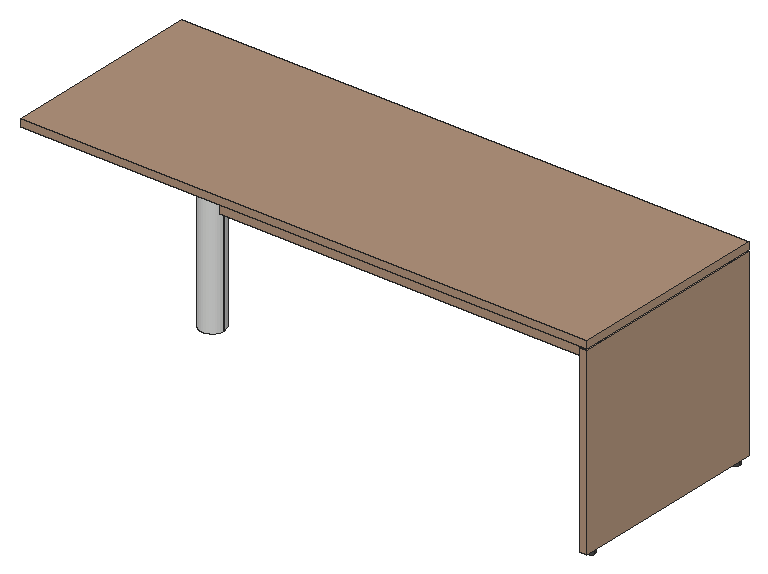
Revit family "Desks-Teknion-B_RDF_Rectangular_Peninsula_Desk_with_Half_Modesty-R2019", category Furniture, Revit 2019
Family settings
  OmniClass Number = 23.40.20.00
  OmniClass Title = General Furniture and Specialties
  Work Plane-Based = No
  Always vertical = Yes
  Cut with Voids When Loaded = No
  Shared = Yes
  Room Calculation Point = No
Parameters (values of type "1" Worksurface Thickness")
  Worksurface Thickness = 1.016"
  Worksurface Finish Note [instance] = if(Height = 28.823", "Select a Source Laminate Material", "Select a Foundation Laminate Material")  # "Select a Source Laminate Material"
  Worksurface Finish [instance] = Source Laminate - Teknion - 3M - Provincial Oak (Cross Grain)
  Width [instance] = 84.000"
  Warranty = "http://www.teknion.com/ca/papers/legal-canada"
  Unit Weight URL = "http://www.teknion.com/ca/tools/assets#&asset=bee6a381-b954-425e-8283-5a2de3a804f2,f828d448-4b62-4231-9e5f-9a8991c0ed77"
  URL = "www.teknion.com"
  To render please download texture images found here [instance] = "https://assets.teknion.com/web/5e81352c1dfdb467/revit-material-swatches/"
  Sustainability Data = "https://www.teknion.com/ca/tools/assets#&topic=216f99a5-57a0-44fc-b10a-9dee9b29ae4c&asset=444deb64-fe58-4b68-981e-f75e97781df7,b4ff2d81-9f2e-437d-9659-7cffb09c31cf"
  Series = "Expansion Casegoods"  # constant formula
  Product Page URL = "https://www.teknion.com/ca/products/product-details?productLineId=0053336e-8e7a-673b-a6c8-ff00004460c4"
  Product Line = "Expansion Casegoods"  # constant formula
  Product Documentation Link = "https://www.teknion.com/pricing/expansion-casegoods/pdfs/B_RDF_ppg.pdf"
  Plate [instance] = or(Column Leg, Central Square Post Leg)  # yes
  Part Number = "B_RDF"  # constant formula
  Model = "BDRDF_____"
  Manufacturer Phone = "416-661-3370"  # constant formula
  Manufacturer Fax = "416.661.4586"  # constant formula
  Manufacturer Contact Information = "http://www.teknion.com/ca/contactus"
  Manufacturer Address = "1150 Flint Road, Toronto, ON. M3J 2J5. Canada"  # constant formula
  Manufacturer = "Teknion"  # constant formula
  How To Use Teknion Materials User Guide [instance] = "https://assets.teknion.com/m/205dd0a49fa58060/original/How-to-add-a-Material-Library-and-Texture-Images-to-your-Revit-project.pdf"
  Height = 28.823"
  Hardware and Support Finish [instance] = Metal - Teknion - AC - Clear Anodized
  Gable and Modesty Panel Finish [instance] = Source Laminate - Teknion - 3M - Provincial Oak
  For Additional Finishes please visit [instance] = "https://assets.teknion.com/m/44a8009b046e5d47/original/Teknion_Materials_Library.zip"
  Elliptical Base [instance] = no
  Description = "Rectangular Peninsula Desk with Half Modesty, 1\" Worksurface Thickness"
  Depth [instance] = 30.000"
  Column Leg [instance] = not(or(Elliptical Base, Central Square Post Leg))  # yes
  Central Square Post Leg [instance] = no
  Available Widths [instance] = "48\", 54\", 60\", 66\", 72\", 78\", or 84\""  # constant formula
  Available Support Style [instance] = "Select one option below"  # constant formula
  Available Depths [instance] = if(Height = 28.823", "24\", or 30\"", "24\", 30\", or 36\"")  # "24\", or 30\""
  Assembly Code = "E2020200"
  Actual Widths [instance] = if(Width = 48.000", 47.760", if(Width = 54.000", 53.728", if(Width = 60.000", 59.701", if(Width = 66.000", 65.669", if(Width = 72.000", 71.642", if(Width = 78.000", 77.610", 83.579"))))))  # 83.579"
  Actual Depth [instance] = if(Depth = 36.000", 35.819", if(Depth = 30.000", 29.850", 23.882"))  # 29.850"
Types (4): name | Worksurface Thickness | Worksurface Finish Note | Model | Height | Description | Depth | Available Depths | Actual Depth
  (no name) | 1.016" | "Select a Source Laminate Material" | "BDRDF_____" | 28.823" | "Rectangular Peninsula Desk with Half Modesty, 1\" Worksurface Thickness" | 30.000" | "24\", or 30\"" | 29.850"
  1 3/16" Worksurface Thickness | 1.189" | "Select a Foundation Laminate Material" | "BMRDF_____" | 28.996" | "Rectangular Peninsula Desk with Half Modesty, 1 3/16\" Worksurface Thickness" | 36.000" | "24\", 30\", or 36\"" | 35.819"
  1" Worksurface Thickness | 1.016" | "Select a Source Laminate Material" | "BDRDF_____" | 28.823" | "Rectangular Peninsula Desk with Half Modesty, 1\" Worksurface Thickness" | 30.000" | "24\", or 30\"" | 29.850"
  1 9/16" Worksurface Thickness | 1.555" | "Select a Foundation Laminate Material" | "BXRDF_____" | 29.362" | "Rectangular Peninsula Desk with Half Modesty, 1 9/16\" Worksurface Thickness" | 36.000" | "24\", 30\", or 36\"" | 35.819"
Reference planes (in)
  plane 1 "Center Front/Back": y = 0
  plane 2: z = 0
  plane 3 "Center Left/Right": x = 0
  plane 4 "Left": x = -41.7895
  plane 5 "Right": x = 41.7895
  plane 6 "Back": y = 14.925
  plane 7 "Front": y = -14.925
  plane 8 "Top": z = 28.823
Forms (in)
  Sweep 1, solid, material "Source Laminate - Teknion - 3M - Provincial Oak (Cross Grain)" <- "Worksurface Finish"
    path origin (0, 0, 0) x (1, 0, 0) y (0, 0, 1)
      loop
        line (0, 27.807) -> (0, 28.823)
    profile origin (0, 0, 28.315) x (-1, 0, 0) y (0, -1, 0)
      loop
        line (41.7895, -14.925) -> (41.7895, 14.925) -> (-41.7895, 14.925) -> (-41.7895, -14.925) -> (41.7895, -14.925)
  Sweep 2, solid, material "Source Laminate - Teknion - 3M - Provincial Oak" <- "Gable and Modesty Panel Finish"
    path origin (0, 0, 0) x (1, 0, 0) y (0, 0, 1)
      loop
        line (0, 27.53543) -> (0, 0.60236)
    profile origin (0, 0, 14.0689) x (0, -1, 0) y (1, 0, 0)
      loop
        line (-14.925, 40.77325) -> (14.925, 40.77325) -> (14.925, 41.7895) -> (-14.925, 41.7895) -> (-14.925, 40.77325)
  Sweep 3, solid, material "Source Laminate - Teknion - 3M - Provincial Oak" <- "Gable and Modesty Panel Finish"
    path origin (0, 0, 0) x (1, 0, 0) y (0, 0, 1)
      loop
        line (0, 16.53543) -> (0, 27.53543)
    profile origin (0, 0, 22.03543) x (-1, 0, 0) y (0, -1, 0)
      loop
        line (23.51415, 1.01575) -> (-40.77325, 1.01575) -> (-40.77325, 0) -> (23.51415, 0) -> (23.51415, 1.01575)
  Sweep 4, solid, material "Metal - Teknion - AC - Clear Anodized" <- "Hardware and Support Finish", visible <- "Plate"
    path origin (0, 0, 0) x (1, 0, 0) y (0, 0, 1)
      loop
        line (0, 27.55709) -> (0, 27.807)
    profile origin (0, 0, 27.68204) x (-1, 0, 0) y (0, -1, 0)
      loop
        line (21.93147, 2.85827) -> (21.93147, -2.85827) -> (27.64801, -2.85827) -> (27.64801, 2.85827) -> (21.93147, 2.85827)
  Sweep 5, solid, material "Metal - Teknion - AC - Clear Anodized" <- "Hardware and Support Finish", visible <- "Column Leg"
    path origin (0, 0, 0) x (1, 0, 0) y (0, 0, 1)
      loop
        line (0, 0.60236) -> (0, 27.55709)
    profile origin (0, 0, 14.07972) x (-1, 0, 0) y (0, -1, 0)
      loop
        arc (27.15076, 0.15625) -> (25.40775, 1.75) -> (23.66474, 0.15625) r 1.75
        line (23.66474, 0.15625) -> (24.16292, 0.15625) -> (24.16292, -0.15625) -> (23.66474, -0.15625)
        arc (23.66474, -0.15625) -> (25.40775, -1.75) -> (27.15076, -0.15625) r 1.75
        line (27.15076, -0.15625) -> (26.65258, -0.15625) -> (26.65258, 0.15625) -> (27.15076, 0.15625)
  Sweep 6, solid, material "Plastic - Teknion - E - Ebony", visible <- "Column Leg"
    path origin (0, 0, 0) x (1, 0, 0) y (0, 0, 1)
      loop
        line (0, 0.60236) -> (0, 0)
    profile origin (0, 0, 0.30118) x (0, -1, 0) y (1, 0, 0)
      loop
        circle (0, -25.40775) r 0.5
  Sweep 7, solid, material "Metal - Teknion - AC - Clear Anodized" <- "Hardware and Support Finish", visible <- "Central Square Post Leg"
    path origin (0, 0, 0) x (1, 0, 0) y (0, 0, 1)
      loop
        line (0, 0.60236) -> (0, 27.55709)
    profile origin (0, 0, 14.07972) x (-1, 0, 0) y (0, -1, 0)
      loop
        line (27.20707, -1.77165) -> (27.20707, 1.77165) -> (23.66376, 1.77165) -> (23.66376, -1.77165) -> (27.20707, -1.77165)
  Sweep 8, solid, material "Metal - Teknion - AC - Clear Anodized" <- "Hardware and Support Finish", visible <- "Central Square Post Leg"
    path origin (0, 0, 0) x (1, 0, 0) y (0, 0, 1)
      loop
        line (0, 0) -> (0, 0.60236)
    profile origin (0, 0, 0.30118) x (-1, 0, 0) y (0, -1, 0)
      loop
        line (26.93541, -1.5) -> (26.93541, 1.5) -> (23.93541, 1.5) -> (23.93541, -1.5) -> (26.93541, -1.5)
  Sweep 9, solid, material "Metal - Teknion - AC - Clear Anodized" <- "Hardware and Support Finish", visible <- "Elliptical Base"
    path origin (0, 0, 0) x (1, 0, 0) y (0, 0, 1)
      loop
        line (0, 0.60236) -> (0, 27.61811)
    profile origin (0, 0, 14.11024) x (-1, 0, 0) y (0, -1, 0)
      loop
        line (26.15931, -5.40945) -> (26.20273, -5.92126)
        arc (26.20273, -5.92126) -> (27.70639, 0) -> (26.20273, 5.92126) r 12.41047
        line (26.20273, 5.92126) -> (26.15931, 5.40945) -> (25.20623, 5.40945) -> (25.16281, 5.92126)
        arc (25.16281, 5.92126) -> (23.65915, 0) -> (25.16281, -5.92126) r 12.41047
        line (25.16281, -5.92126) -> (25.20623, -5.40945) -> (26.15931, -5.40945)
  Sweep 10, solid, material "Metal - Teknion - AC - Clear Anodized" <- "Hardware and Support Finish", visible <- "Elliptical Base"
    path origin (0, 0, 0) x (1, 0, 0) y (0, 0, 1)
      loop
        line (0, 27.61811) -> (0, 27.807)
    profile origin (0, 0, 27.71255) x (-1, 0, 0) y (0, -1, 0)
      loop
        line (28.5299, -6.02362) -> (28.5299, 6.02362) -> (23.17557, 6.02362) -> (23.17557, -6.02362) -> (28.5299, -6.02362)
  Sweep 11, solid, material "Plastic - Teknion - E - Ebony", visible <- "Elliptical Base"
    path origin (0, 0, 0) x (1, 0, 0) y (0, 0, 1)
      loop
        line (0, 0.60236) -> (0, 0)
    profile origin (0, 0, 0.30118) x (0, -1, 0) y (1, 0, 0)
      loop
        circle (-2.66929, -25.68277) r 0.5
      loop
        circle (2.66929, -25.68277) r 0.5
  Sweep 12, solid, material "Plastic - Teknion - E - Ebony"
    path origin (0, 0, 0) x (1, 0, 0) y (0, 0, 1)
      loop
        line (0, 0) -> (0, 0.60236)
    profile origin (0, 0, 0.30118) x (-1, 0, 0) y (0, -1, 0)
      loop
        circle (-41.28163, -13.40531) r 0.5
      loop
        circle (-41.28163, 13.40531) r 0.5
  Sweep 13, solid, material "Plastic - Teknion - E - Ebony"
    path origin (0, 0, 0) x (1, 0, 0) y (0, 0, 1)
      loop
        line (0, 27.53543) -> (0, 27.807)
    profile origin (0, 0, 27.67122) x (-1, 0, 0) y (0, -1, 0)
      loop
        spline (-40.75142, -14.74051) -> (-40.52564, -14.65145) -> (-40.31524, -14.39031) -> (-40.13457, -13.9749) -> (-39.99593, -13.43352) -> (-39.90878, -12.80308) -> (-39.87906, -12.12653) -> (-39.90878, -11.44998) -> (-39.99593, -10.81953) -> (-40.13457, -10.27816) -> (-40.31524, -9.86275) -> (-40.52564, -9.60161) -> (-40.75142, -9.51254)
        spline (-40.75142, -9.51254) -> (-40.97721, -9.60161) -> (-41.1876, -9.86275) -> (-41.36828, -10.27816) -> (-41.50691, -10.81953) -> (-41.59406, -11.44998) -> (-41.62379, -12.12653) -> (-41.59406, -12.80308) -> (-41.50691, -13.43352) -> (-41.36828, -13.9749) -> (-41.1876, -14.39031) -> (-40.97721, -14.65145) -> (-40.75142, -14.74051)
      loop
        spline (-40.75142, 14.74051) -> (-40.97721, 14.65145) -> (-41.1876, 14.39031) -> (-41.36828, 13.9749) -> (-41.50691, 13.43352) -> (-41.59406, 12.80308) -> (-41.62379, 12.12653) -> (-41.59406, 11.44998) -> (-41.50691, 10.81953) -> (-41.36828, 10.27816) -> (-41.1876, 9.86275) -> (-40.97721, 9.60161) -> (-40.75142, 9.51254)
        spline (-40.75142, 9.51254) -> (-40.52564, 9.60161) -> (-40.31524, 9.86275) -> (-40.13457, 10.27816) -> (-39.99593, 10.81953) -> (-39.90878, 11.44998) -> (-39.87906, 12.12653) -> (-39.90878, 12.80308) -> (-39.99593, 13.43352) -> (-40.13457, 13.9749) -> (-40.31524, 14.39031) -> (-40.52564, 14.65145) -> (-40.75142, 14.74051)
Lines and regions (in)
  Masking region 1
    outline origin (0, 0, 0) x (1, 0, 0) y (0, 1, 0)
      loop
        line (-41.7895, 14.925) -> (-41.7895, -14.925) -> (41.7895, -14.925) -> (41.7895, 14.925) -> (-41.7895, 14.925)
  symbolic lines, style "FurnitureHiddenLines", detail levels medium+fine
    curve 1: line (40.77325, 14.925, 0) -> (40.77325, -14.925, 0)
    curve 2: spline (40.75142, 9.51254, 0) -> (40.52564, 9.60161, 0) -> (40.31524, 9.86275, 0) -> (40.13457, 10.27816, 0) -> (39.99593, 10.81953, 0) -> (39.90878, 11.44998, 0) -> (39.87906, 12.12653, 0) -> (39.90878, 12.80308, 0) -> (39.99593, 13.43352, 0) -> (40.13457, 13.9749, 0) -> (40.31524, 14.39031, 0) -> (40.52564, 14.65145, 0) -> (40.75142, 14.74051, 0)
    curve 3: spline (40.75142, 14.74051, 0) -> (40.97721, 14.65145, 0) -> (41.1876, 14.39031, 0) -> (41.36828, 13.9749, 0) -> (41.50691, 13.43352, 0) -> (41.59406, 12.80308, 0) -> (41.62379, 12.12653, 0) -> (41.59406, 11.44998, 0) -> (41.50691, 10.81953, 0) -> (41.36828, 10.27816, 0) -> (41.1876, 9.86275, 0) -> (40.97721, 9.60161, 0) -> (40.75142, 9.51254, 0)
    curve 4: spline (40.75142, -14.74051, 0) -> (40.52564, -14.65145, 0) -> (40.31524, -14.39031, 0) -> (40.13457, -13.9749, 0) -> (39.99593, -13.43352, 0) -> (39.90878, -12.80308, 0) -> (39.87906, -12.12653, 0) -> (39.90878, -11.44998, 0) -> (39.99593, -10.81953, 0) -> (40.13457, -10.27816, 0) -> (40.31524, -9.86275, 0) -> (40.52564, -9.60161, 0) -> (40.75142, -9.51254, 0)
    curve 5: spline (40.75142, -9.51254, 0) -> (40.97721, -9.60161, 0) -> (41.1876, -9.86275, 0) -> (41.36828, -10.27816, 0) -> (41.50691, -10.81953, 0) -> (41.59406, -11.44998, 0) -> (41.62379, -12.12653, 0) -> (41.59406, -12.80308, 0) -> (41.50691, -13.43352, 0) -> (41.36828, -13.9749, 0) -> (41.1876, -14.39031, 0) -> (40.97721, -14.65145, 0) -> (40.75142, -14.74051, 0)
    curve 6: line (-23.51415, -1.01575, 0) -> (40.77325, -1.01575, 0)
    curve 7: line (-23.51415, 0, 0) -> (-23.51415, -1.01575, 0)
    curve 8: line (40.77325, 0, 0) -> (-23.51415, 0, 0)
  symbolic lines, style "FurnitureHiddenLines", visible <- "Plate", detail levels medium+fine
    curve 9: line (-21.93147, 2.85827, 0) -> (-27.64801, 2.85827, 0)
    curve 10: line (-27.64801, 2.85827, 0) -> (-27.64801, -2.85827, 0)
    curve 11: line (-27.64801, -2.85827, 0) -> (-21.93147, -2.85827, 0)
    curve 12: line (-21.93147, -2.85827, 0) -> (-21.93147, 2.85827, 0)
  symbolic lines, style "FurnitureHiddenLines", visible <- "Central Square Post Leg", detail levels medium+fine
    curve 13: line (-23.66376, 1.77165, 0) -> (-27.20707, 1.77165, 0)
    curve 14: line (-27.20707, 1.77165, 0) -> (-27.20707, -1.77165, 0)
    curve 15: line (-27.20707, -1.77165, 0) -> (-23.66376, -1.77165, 0)
    curve 16: line (-23.66376, -1.77165, 0) -> (-23.66376, 1.77165, 0)
  symbolic lines, style "FurnitureHiddenLines", visible <- "Central Square Post Leg", detail levels fine
    curve 17: line (-23.93541, 1.5, 0) -> (-26.93541, 1.5, 0)
    curve 18: line (-26.93541, 1.5, 0) -> (-26.93541, -1.5, 0)
    curve 19: line (-26.93541, -1.5, 0) -> (-23.93541, -1.5, 0)
    curve 20: line (-23.93541, -1.5, 0) -> (-23.93541, 1.5, 0)
  symbolic lines, style "FurnitureHiddenLines", visible <- "Column Leg", detail levels medium+fine
    curve 21: arc (-23.66474, 0.15625, 0) -> (-25.40775, 1.75, 0) -> (-27.15076, 0.15625, 0) r 1.75
    curve 22: line (-27.15076, 0.15625, 0) -> (-26.65258, 0.15625, 0)
    curve 23: line (-26.65258, 0.15625, 0) -> (-26.65258, -0.15625, 0)
    curve 24: line (-26.65258, -0.15625, 0) -> (-27.15076, -0.15625, 0)
    curve 25: arc (-27.15076, -0.15625, 0) -> (-25.40775, -1.75, 0) -> (-23.66474, -0.15625, 0) r 1.75
    curve 26: line (-23.66474, -0.15625, 0) -> (-24.16292, -0.15625, 0)
    curve 27: line (-24.16292, -0.15625, 0) -> (-24.16292, 0.15625, 0)
    curve 28: line (-24.16292, 0.15625, 0) -> (-23.66474, 0.15625, 0)
  symbolic lines, style "FurnitureHiddenLines", visible <- "Column Leg", detail levels fine
    curve 29: arc (-25.40775, 0.5, 0) -> (-25.90775, 0, 0) -> (-25.40775, -0.5, 0) r 0.5
    curve 30: arc (-25.40775, -0.5, 0) -> (-24.90775, 0, 0) -> (-25.40775, 0.5, 0) r 0.5
  symbolic lines, style "FurnitureHiddenLines", visible <- "Elliptical Base", detail levels medium+fine
    curve 31: arc (-26.20273, 5.92126, 0) -> (-27.70639, 0, 0) -> (-26.20273, -5.92126, 0) r 12.41047
    curve 32: line (-26.20273, -5.92126, 0) -> (-26.15931, -5.40945, 0)
    curve 33: line (-26.15931, -5.40945, 0) -> (-25.20623, -5.40945, 0)
    curve 34: line (-25.20623, -5.40945, 0) -> (-25.16281, -5.92126, 0)
    curve 35: arc (-25.16281, -5.92126, 0) -> (-23.65915, 0, 0) -> (-25.16281, 5.92126, 0) r 12.41047
    curve 36: line (-25.16281, 5.92126, 0) -> (-25.20623, 5.40945, 0)
    curve 37: line (-25.20623, 5.40945, 0) -> (-26.15931, 5.40945, 0)
    curve 38: line (-26.15931, 5.40945, 0) -> (-26.20273, 5.92126, 0)
    curve 39: line (-28.5299, 6.02362, 0) -> (-28.5299, -6.02362, 0)
    curve 40: line (-28.5299, -6.02362, 0) -> (-23.17557, -6.02362, 0)
    curve 41: line (-23.17557, -6.02362, 0) -> (-23.17557, 6.02362, 0)
    curve 42: line (-23.17557, 6.02362, 0) -> (-28.5299, 6.02362, 0)
  symbolic lines, style "FurnitureHiddenLines", visible <- "Elliptical Base", detail levels fine
    curve 43: arc (-25.68277, 3.16929, 0) -> (-26.18277, 2.66929, 0) -> (-25.68277, 2.16929, 0) r 0.5
    curve 44: arc (-25.68277, 2.16929, 0) -> (-25.18277, 2.66929, 0) -> (-25.68277, 3.16929, 0) r 0.5
    curve 45: arc (-25.68277, -2.16929, 0) -> (-26.18277, -2.66929, 0) -> (-25.68277, -3.16929, 0) r 0.5
    curve 46: arc (-25.68277, -3.16929, 0) -> (-25.18277, -2.66929, 0) -> (-25.68277, -2.16929, 0) r 0.5
  symbolic lines, style "FurnitureHiddenLines", detail levels fine
    curve 47: arc (40.78163, 13.40531, 0) -> (41.28163, 12.90531, 0) -> (41.78163, 13.40531, 0) r 0.5
    curve 48: arc (41.78163, 13.40531, 0) -> (41.28163, 13.90531, 0) -> (40.78163, 13.40531, 0) r 0.5
    curve 49: arc (41.78163, -13.40531, 0) -> (41.28163, -12.90531, 0) -> (40.78163, -13.40531, 0) r 0.5
    curve 50: arc (40.78163, -13.40531, 0) -> (41.28163, -13.90531, 0) -> (41.78163, -13.40531, 0) r 0.5
Dimensions and locks (in)
  "Actual Widths": plane 4 "Left" to plane 5 "Right"
  "Actual Depth": plane 6 "Back" to plane 7 "Front"
  "Height": plane 8 "Top" to level
  equal spacing: plane 6 "Back", plane 1 "Center Front/Back", plane 7 "Front"
  equal spacing: plane 4 "Left", plane 3 "Center Left/Right", plane 5 "Right"
  locked: plane 8 "Top" to Sweep 1 sketch curve at 0
  "Worksurface Thickness": Sweep 1 sketch curve to Sweep 1 sketch curve
  Sweep 2 sketch curve to Sweep 2 sketch curve to level = 26.93307" locked, 0.60236" locked
  locked: Sweep 2 sketch curve to plane 5 "Right" at 1.01625
  Sweep 3 sketch curve to Sweep 3 sketch curve to level = 11.000" locked, 16.53543" locked
  locked: plane 4 "Left" to Sweep 3 sketch curve at 18.27535
  Sweep 3 sketch curve to plane 1 "Center Front/Back" to Sweep 3 sketch curve = 1.01575" locked, 0.000" locked
  locked: Sweep 3 sketch curve to plane 5 "Right" at 1.01625
  Sweep 4 sketch curve to Sweep 4 sketch curve to level = 0.24991" locked, 27.55709" locked
  Sweep 4 sketch curve to plane 1 "Center Front/Back" to Sweep 4 sketch curve = 2.85827" locked, 2.85827" locked
  plane 4 "Left" to Sweep 4 sketch curve to Sweep 4 sketch curve = 14.14149" locked, 5.71654" locked
  Sweep 5 sketch curve to Sweep 5 sketch curve to level = 26.95472" locked, 0.60236" locked
  Sweep 5 sketch curve to Sweep 5 sketch curve to plane 1 "Center Front/Back" to Sweep 5 sketch curve to Sweep 5 sketch curve to Sweep 5 sketch curve to Sweep 5 sketch curve = 0.000" locked, 0.15625" locked, 0.000" locked, 0.000" locked, 0.15625" locked, 0.000" locked
  plane 4 "Left" to Sweep 5 sketch curve to Sweep 5 sketch curve to Sweep 5 sketch curve to Sweep 5 sketch curve = 15.13692" locked, 1.24483" locked, 0.000" locked, 1.24483" locked
  Sweep 6 sketch curve to level to Sweep 6 sketch curve = 0.60236" locked, 0.000" locked
  locked: plane 1 "Center Front/Back" to Sweep 6 sketch curve
  locked: plane 4 "Left" to Sweep 6 sketch curve at 16.38175
  Sweep 7 sketch curve to Sweep 7 sketch curve to level = 26.95472" locked, 0.60236" locked
  plane 4 "Left" to Sweep 7 sketch curve to Sweep 7 sketch curve = 14.58243" locked, 3.54331" locked
  Sweep 7 sketch curve to plane 1 "Center Front/Back" to Sweep 7 sketch curve = 1.77165" locked, 1.77165" locked
  Sweep 8 sketch curve to level to Sweep 8 sketch curve = 0.60236" locked, 0.000" locked
  plane 4 "Left" to Sweep 8 sketch curve to Sweep 8 sketch curve = 14.85409" locked, 3.000" locked
  Sweep 8 sketch curve to plane 1 "Center Front/Back" to Sweep 8 sketch curve = 1.500" locked, 1.500" locked
  Sweep 9 sketch curve to Sweep 9 sketch curve to level = 27.01575" locked, 0.60236" locked
  Sweep 9 sketch curve to Sweep 9 sketch curve to Sweep 9 sketch curve to plane 1 "Center Front/Back" to Sweep 9 sketch curve to Sweep 9 sketch curve to Sweep 9 sketch curve to Sweep 9 sketch curve to Sweep 9 sketch curve = 0.000" locked, 0.51181" locked, 5.40945" locked, 0.000" locked, 0.000" locked, 5.40945" locked, 0.51181" locked, 0.000" locked
  plane 4 "Left" to Sweep 9 sketch curve to Sweep 9 sketch curve to Sweep 9 sketch curve to Sweep 9 sketch curve to Sweep 9 sketch curve to Sweep 9 sketch curve = 5.71988" locked, 9.91031" locked, 0.000" locked, 0.95308" locked, 0.000" locked, 9.91031" locked
  Sweep 10 sketch curve to Sweep 10 sketch curve to level = 0.18889" locked, 27.61811" locked
  Sweep 10 sketch curve to plane 1 "Center Front/Back" to Sweep 10 sketch curve = 6.02362" locked, 6.02362" locked
  plane 4 "Left" to Sweep 10 sketch curve to Sweep 10 sketch curve = 13.2596" locked, 5.35433" locked
  Sweep 11 sketch curve to level to Sweep 11 sketch curve = 0.60236" locked, 0.000" locked
  Sweep 11 sketch curve to plane 1 "Center Front/Back" to Sweep 11 sketch curve = 2.66929" locked, 2.66929" locked
  plane 4 "Left" to Sweep 11 sketch curve to Sweep 11 sketch curve = 16.10673" locked, 0.000" locked
  Sweep 12 sketch curve to level to Sweep 12 sketch curve = 0.60236" locked, 0.000" locked
  locked: plane 6 "Back" to Sweep 12 sketch curve at 1.51969
  locked: plane 7 "Front" to Sweep 12 sketch curve at 1.51969
  Sweep 12 sketch curve to Sweep 12 sketch curve to plane 5 "Right" = 0.000" locked, 0.50787" locked
  Sweep 13 sketch curve to Sweep 13 sketch curve to level = 0.27157" locked, 27.53543" locked
  locked: plane 6 "Back" to Sweep 13 sketch curve at 2.79847
  locked: plane 7 "Front" to Sweep 13 sketch curve at 2.79847
  Sweep 13 sketch curve to Sweep 13 sketch curve to plane 5 "Right" = 0.000" locked, 1.03808" locked
  locked: plane 6 "Back" to curve 3 at 2.79847
  locked: plane 7 "Front" to curve 4 at 2.79847
  locked: curve 4 to plane 5 "Right" at 1.03808
  locked: curve 2 to plane 5 "Right" at 1.03808
  aligned and locked: level to plane 2
  aligned and locked: plane 3 "Center Left/Right" to Sweep 1 sketch curve
  aligned and locked: plane 5 "Right" to Sweep 1 sketch curve
  aligned and locked: Sweep 1 sketch curve to plane 6 "Back"
  aligned and locked: plane 4 "Left" to Sweep 1 sketch curve
  aligned and locked: Sweep 1 sketch curve to plane 7 "Front"
  aligned and locked: Sweep 2 sketch curve to plane 3 "Center Left/Right"
  aligned and locked: Sweep 2 sketch curve to plane 6 "Back"
  aligned and locked: plane 5 "Right" to Sweep 2 sketch curve
  aligned and locked: Sweep 2 sketch curve to plane 7 "Front"
  aligned and locked: plane 3 "Center Left/Right" to Sweep 3 sketch curve
  aligned and locked: plane 3 "Center Left/Right" to Sweep 4 sketch curve
  aligned and locked: plane 3 "Center Left/Right" to Sweep 5 sketch curve
  aligned and locked: Sweep 6 sketch curve to plane 3 "Center Left/Right"
  aligned and locked: plane 3 "Center Left/Right" to Sweep 7 sketch curve
  aligned and locked: plane 3 "Center Left/Right" to Sweep 8 sketch curve
  aligned and locked: plane 3 "Center Left/Right" to Sweep 9 sketch curve
  aligned and locked: plane 3 "Center Left/Right" to Sweep 10 sketch curve
  aligned and locked: Sweep 11 sketch curve to plane 3 "Center Left/Right"
  aligned and locked: plane 3 "Center Left/Right" to Sweep 12 sketch curve
  aligned and locked: plane 3 "Center Left/Right" to Sweep 13 sketch curve
  aligned and locked: Masking region 1 sketch curve to plane 6 "Back"
  aligned and locked: Masking region 1 sketch curve to plane 4 "Left"
  aligned and locked: Masking region 1 sketch curve to plane 7 "Front"
  aligned and locked: plane 5 "Right" to Masking region 1 sketch curve
  aligned and locked: curve 1 to Sweep 2
  aligned and locked: curve 6 to Sweep 3
  aligned and locked: curve 7 to Sweep 3
  aligned and locked: curve 8 to Sweep 3
  aligned and locked: curve 9 to Sweep 4
  aligned and locked: curve 10 to Sweep 4
  aligned and locked: curve 11 to Sweep 4
  aligned and locked: curve 12 to Sweep 4
  aligned and locked: curve 13 to Sweep 7
  aligned and locked: curve 14 to Sweep 7
  aligned and locked: curve 15 to Sweep 7
  aligned and locked: curve 16 to Sweep 7
  aligned and locked: curve 17 to Sweep 8
  aligned and locked: curve 18 to Sweep 8
  aligned and locked: curve 19 to Sweep 8
  aligned and locked: curve 20 to Sweep 8
  aligned and locked: curve 21 to Sweep 5
  aligned and locked: curve 22 to Sweep 5
  aligned and locked: curve 23 to Sweep 5
  aligned and locked: curve 24 to Sweep 5
  aligned and locked: curve 25 to Sweep 5
  aligned and locked: curve 26 to Sweep 5
  aligned and locked: curve 27 to Sweep 5
  aligned and locked: curve 28 to Sweep 5
  aligned and locked: curve 29 to Sweep 6
  aligned and locked: curve 30 to Sweep 6
  aligned and locked: curve 31 to Sweep 9
  aligned and locked: curve 32 to Sweep 9
  aligned and locked: curve 33 to Sweep 9
  aligned and locked: curve 34 to Sweep 9
  aligned and locked: curve 35 to Sweep 9
  aligned and locked: curve 36 to Sweep 9
  aligned and locked: curve 37 to Sweep 9
  aligned and locked: curve 38 to Sweep 9
  aligned and locked: curve 39 to Sweep 10
  aligned and locked: curve 40 to Sweep 10
  aligned and locked: curve 41 to Sweep 10
  aligned and locked: curve 42 to Sweep 10
  aligned and locked: curve 43 to Sweep 11
  aligned and locked: curve 44 to Sweep 11
  aligned and locked: curve 45 to Sweep 11
  aligned and locked: curve 46 to Sweep 11
  aligned and locked: curve 47 to Sweep 12
  aligned and locked: curve 48 to Sweep 12
  aligned and locked: curve 49 to Sweep 12
  aligned and locked: curve 50 to Sweep 12
Automatic sketch dimensions
  Sweep 5 sketch curve to Sweep 5 sketch curve = 0.000"
  Sweep 5 sketch curve to Sweep 5 sketch curve = 0.49818"
  Sweep 9 sketch curve to Sweep 9 sketch curve = 0.04342"  (x2)
  Sweep 13 sketch curve to Sweep 13 sketch curve = 2.61399"  (x2)
  plane 7 "Front" to curve 1 = 0.000"
  curve 1 to plane 6 "Back" = 0.000"
  curve 2 to curve 3 = 2.61399"
  curve 4 to plane 7 "Front" = 0.18449"
  radius of Sweep 6 sketch curve = 0.500"
  radius of Sweep 11 sketch curve = 0.500"  (x2)
  radius of Sweep 12 sketch curve = 0.500"  (x2)
